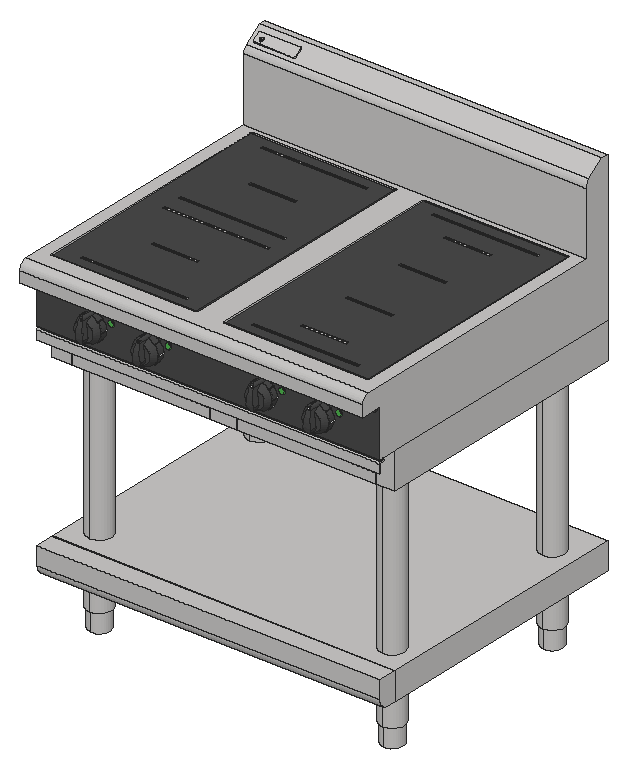
Revit family "QF_Moffat_INB8400R5F-LS_Induction_Cooktop_cat", category Specialty Equipment, Revit 2019
Family settings
  Round Connector Dimension = Use Diameter
  Part Type = Normal
  Work Plane-Based = No
  Always vertical = Yes
  Cut with Voids When Loaded = No
  Shared = No
  Room Calculation Point = No
Parameters (values of type "INB8400R5F-LS_415/60/3")
  Weight in Kilograms = 105
  Watts = 20000 W
  Volts = 415 V
  URL Cutsheet = ""
  Specification by User = ""
  Specification by Manufacturer = ""
  Show Logo [instance] = yes
  Serial Number = ""
  Seismic Rating = ""
  SMACNA No = ""
  Revision Code = ""
  Phase = 3
  Number of Poles = 1
  NAFEM Spec ID Number = ""
  Model = "INB8400R5F-LS"
  Min Ckt Ampacity = 0 A
  Max Overcurrent Protection = 0 A
  Masterspec = ""
  Manufacturer = "Moffat"
  Length = 900 mm
  Item Number = ""
  Installed By = ""
  Identify Quantity as Lot = yes
  Height = 1130 mm
  HP = ""
  Furnished By = ""
  Foodservice Equipment Identifier = yes
  FL Amps = 28 A
  Electrical Remarks = ""
  Electric Connection Type = ""
  Elec Conn RI Height = 0 mm
  Elec Conn Connection Height = 0 mm
  Description = "Induction Cooktop"
  Depth = 805 mm
  Cycle = 60 Hz
  Conn Plug = ""
  Conn Conduit = yes
  CSI MasterFormat = ""
  Apparent Power = if(Phase = 3, Volts * FL Amps * 1.73, Volts * FL Amps)  # 20102.6 VA
Reference planes
  plane 1 "BACK": y = 0
  plane 2: z = 0
  plane 3 "LEFT": x = 0
  plane 4 "RIGHT": x = 900
  plane 5 "FRONT": y = -805
  plane 6 "TOP": z = 1130
  plane 7 "Center Y": x = 450
  plane 8 "Center X": y = -402.5
  plane 9: x = 65.5
  plane 10: x = 834.5
  plane 11: y = -30
  plane 12: z = 150
  plane 13: y = -100
  plane 14: y = -625
  plane 15: y = -70
  plane 16: z = 915
  plane 17: x = 770
Forms (mm)
  Extrusion 1, solid, material "QF_Metal_Stainless_Polished"
    sketch origin (0, 0, 560) x (0, 1, 0) y (0, 0, 1)
      loop
        line (0, 180) -> (0, 570) -> (-18.182, 570) -> (-60.863, 538.99)
        arc (-60.863, 538.99) -> (-67.584, 531.121) -> (-70, 521.058) r 22.165
        line (-70, 521.058) -> (-70, 355) -> (-784.417, 355)
        arc (-784.417, 355) -> (-798.971, 348.971) -> (-805, 334.417) r 20.583
        line (-805, 334.417) -> (-805, 305) -> (-749, 305) -> (-749, 180) -> (0, 180)
    from 0 to 900
  Extrusion 2, void
    sketch origin (0, -784.171, 915) x (0, 1, 0) y (-1, 0, 0)
      loop
        arc (699.341, -37.323) -> (697.584, -33.08) -> (693.341, -31.323) r 6
        line (693.341, -31.323) -> (45.245, -31.323)
        arc (45.245, -31.323) -> (41.002, -33.08) -> (39.245, -37.323) r 6
        line (39.245, -37.323) -> (39.245, -410.105)
        arc (39.245, -410.105) -> (41.002, -414.347) -> (45.245, -416.105) r 6
        line (45.245, -416.105) -> (693.341, -416.105)
        arc (693.341, -416.105) -> (697.584, -414.347) -> (699.341, -410.105) r 6
        line (699.341, -410.105) -> (699.341, -37.323)
      loop
        line (699.341, -862.677) -> (699.341, -489.895)
        arc (699.341, -489.895) -> (697.584, -485.653) -> (693.341, -483.895) r 6
        line (693.341, -483.895) -> (45.245, -483.895)
        arc (45.245, -483.895) -> (41.002, -485.653) -> (39.245, -489.895) r 6
        line (39.245, -489.895) -> (39.245, -862.677)
        arc (39.245, -862.677) -> (41.002, -866.92) -> (45.245, -868.677) r 6
        line (45.245, -868.677) -> (693.341, -868.677)
        arc (693.341, -868.677) -> (697.584, -866.92) -> (699.341, -862.677) r 6
    from 0 to -9.5
  Extrusion 3, solid, material "QF_Plastic_Black_Smooth"
    sketch origin (0, -784.171, 915) x (0, 1, 0) y (-1, 0, 0)
      loop
        line (695.341, -410.105) -> (695.341, -37.323)
        arc (695.341, -37.323) -> (694.755, -35.908) -> (693.341, -35.323) r 2
        line (693.341, -35.323) -> (45.245, -35.323)
        arc (45.245, -35.323) -> (43.831, -35.908) -> (43.245, -37.323) r 2
        line (43.245, -37.323) -> (43.245, -410.105)
        arc (43.245, -410.105) -> (43.831, -411.519) -> (45.245, -412.105) r 2
        line (45.245, -412.105) -> (693.341, -412.105)
        arc (693.341, -412.105) -> (694.755, -411.519) -> (695.341, -410.105) r 2
      loop
        line (667.194, -86.598) -> (661.194, -86.598) -> (661.194, -363.75) -> (667.194, -363.75) -> (667.194, -86.598)
      loop
        line (526.611, -163.924) -> (526.611, -283.924) -> (532.611, -283.924) -> (532.611, -163.924) -> (526.611, -163.924)
      loop
        line (398.444, -86.598) -> (392.444, -86.598) -> (392.444, -363.75) -> (398.444, -363.75) -> (398.444, -86.598)
      loop
        line (345.944, -86.598) -> (339.944, -86.598) -> (339.944, -363.75) -> (345.944, -363.75) -> (345.944, -86.598)
      loop
        line (206.611, -163.924) -> (206.611, -283.924) -> (212.611, -283.924) -> (212.611, -163.924) -> (206.611, -163.924)
      loop
        line (77.194, -86.598) -> (71.194, -86.598) -> (71.194, -363.75) -> (77.194, -363.75) -> (77.194, -86.598)
      loop
        arc (695.341, -489.895) -> (694.755, -488.481) -> (693.341, -487.895) r 2
        line (693.341, -487.895) -> (45.245, -487.895)
        arc (45.245, -487.895) -> (43.831, -488.481) -> (43.245, -489.895) r 2
        line (43.245, -489.895) -> (43.245, -862.677)
        arc (43.245, -862.677) -> (43.831, -864.092) -> (45.245, -864.677) r 2
        line (45.245, -864.677) -> (693.341, -864.677)
        arc (693.341, -864.677) -> (694.755, -864.092) -> (695.341, -862.677) r 2
        line (695.341, -862.677) -> (695.341, -489.895)
      loop
        line (667.194, -813.402) -> (667.194, -536.25) -> (661.194, -536.25) -> (661.194, -813.402) -> (667.194, -813.402)
      loop
        line (601.611, -736.076) -> (607.611, -736.076) -> (607.611, -616.076) -> (601.611, -616.076) -> (601.611, -736.076)
      loop
        line (279.111, -736.076) -> (285.111, -736.076) -> (285.111, -616.076) -> (279.111, -616.076) -> (279.111, -736.076)
      loop
        line (77.194, -813.402) -> (77.194, -536.25) -> (71.194, -536.25) -> (71.194, -813.402) -> (77.194, -813.402)
      loop
        line (454.501, -736.076) -> (460.501, -736.076) -> (460.501, -616.076) -> (454.501, -616.076) -> (454.501, -736.076)
      loop
        line (131.211, -736.076) -> (137.211, -736.076) -> (137.211, -616.076) -> (131.211, -616.076) -> (131.211, -736.076)
    from 0 to -9.5
  Extrusion 4, solid, material "QF_Metal_Stainless_Polished"
    sketch origin (0, 0, 600) x (0, 1, 0) y (0, 0, 1)
      loop
        line (-739.467, 140) -> (-738.192, 134.838)
        arc (-738.192, 134.838) -> (-738.307, 134.302) -> (-738.799, 134.063) r 0.625
        line (-738.799, 134.063) -> (-746.111, 134.063)
        arc (-746.111, 134.063) -> (-748.011, 133.276) -> (-748.797, 131.377) r 2.686
        line (-748.797, 131.377) -> (-748.797, 107.627) -> (-747.197, 107.627) -> (-747.197, 131.242)
        arc (-747.197, 131.242) -> (-746.84, 132.105) -> (-745.976, 132.463) r 1.221
        line (-745.976, 132.463) -> (-738.755, 132.463)
        arc (-738.755, 132.463) -> (-737.028, 133.304) -> (-736.625, 135.182) r 2.194
        line (-736.625, 135.182) -> (-737.815, 140) -> (-739.467, 140)
    from 0 to 900
  Extrusion 5, solid, material "QF_Plastic_Black_Smooth"
    sketch origin (0, -749, 741.875) x (0, 0, 1) y (-1, 0, 0)
      loop
        circle (112.843, -13.157) r 5
      loop
        circle (112.843, -886.843) r 5
    from 0 to 1.6
  Extrusion 6, solid, material "QF_Metal_Stainless_Polished"
    sketch origin (450, -699, 645) x (0, 1, 0) y (1, 0, 0)
      loop
        circle (669, 320) r 6.35
    from 0 to 10
  Extrusion 7, solid, material "QF_Metal_Stainless_Polished"
    sketch origin (0, -699, 645) x (1, 0, 0) y (0, -1, 0)
      loop
        line (0, -699) -> (900, -699) -> (900, 0) -> (849.2, 0) -> (849.2, -25.4) -> (485.8, -25.4) -> (485.8, 0) -> (414.2, 0) -> (414.2, -25.4) -> (50.8, -25.4) -> (50.8, 0) -> (0, 0) -> (0, -699)
    from 0 to -95
  Extrusion 8, solid, material "QF_Metal_Stainless_Polished"
    sketch origin (50.8, -30, 645) x (0, 1, 0) y (0, 0, 1)
      loop
        line (-669, 0) -> (-643.6, 0) -> (-643.6, 26.45) -> (-669, 26.45) -> (-669, 0)
      loop
        line (-669, 32.45) -> (-643.6, 32.45) -> (-643.6, 66.4) -> (-669, 66.4) -> (-669, 32.45)
      loop
        line (-669, 67.4) -> (-643.6, 67.4) -> (-643.6, 95) -> (-669, 95) -> (-669, 67.4)
    from 0 to 363.4
  Extrusion 9, solid, material "QF_Metal_Stainless_Polished"
    sketch origin (900, 0, 560) x (-1, 0, 0) y (0, -1, 0)
      loop
        line (536.25, 122.976) -> (536.25, 116.976) -> (813.402, 116.976) -> (813.402, 122.976) -> (536.25, 122.976)
      loop
        line (736.076, 251.56) -> (736.076, 257.56) -> (616.076, 257.56) -> (616.076, 251.56) -> (736.076, 251.56)
      loop
        line (813.402, 385.726) -> (813.402, 391.726) -> (536.25, 391.726) -> (536.25, 385.726) -> (813.402, 385.726)
      loop
        line (813.402, 438.226) -> (813.402, 444.226) -> (536.25, 444.226) -> (536.25, 438.226) -> (813.402, 438.226)
      loop
        line (736.076, 571.56) -> (736.076, 577.56) -> (616.076, 577.56) -> (616.076, 571.56) -> (736.076, 571.56)
      loop
        line (536.25, 712.976) -> (536.25, 706.976) -> (813.402, 706.976) -> (813.402, 712.976) -> (536.25, 712.976)
      loop
        line (86.598, 712.976) -> (86.598, 706.976) -> (363.75, 706.976) -> (363.75, 712.976) -> (86.598, 712.976)
      loop
        line (163.924, 652.959) -> (163.924, 646.959) -> (283.924, 646.959) -> (283.924, 652.959) -> (163.924, 652.959)
      loop
        line (163.924, 505.06) -> (163.924, 499.06) -> (283.924, 499.06) -> (283.924, 505.06) -> (163.924, 505.06)
      loop
        line (163.924, 329.669) -> (163.924, 323.669) -> (283.924, 323.669) -> (283.924, 329.669) -> (163.924, 329.669)
      loop
        line (163.924, 182.56) -> (163.924, 176.56) -> (283.924, 176.56) -> (283.924, 182.56) -> (163.924, 182.56)
      loop
        line (86.598, 122.976) -> (86.598, 116.976) -> (363.75, 116.976) -> (363.75, 122.976) -> (86.598, 122.976)
    from 355 to 345.5
  Extrusion 10, solid, material "QF_Paint_Green"
    sketch origin (63.231, -748.999, 713.75) x (0, 0, 1) y (-1, 0, 0)
      loop
        circle (100.3, -282.5) r 7.15
    from 0 to 1.6
  Extrusion 11, solid, material "QF_Plastic_Black_Smooth"
    sketch origin (75, -748.999, 725.625) x (0, 0, 1) y (-1, 0, 0)
      loop
        circle (112.843, -225) r 5
    from 0 to 1.6
  Extrusion 12, solid, material "QF_Paint_Green"
    sketch origin (-86.769, -748.999, 713.75) x (0, 0, 1) y (-1, 0, 0)
      loop
        circle (100.3, -282.5) r 7.15
    from 0 to 1.6
  Extrusion 13, solid, material "QF_Plastic_Black_Smooth"
    sketch origin (-75, -748.999, 725.625) x (0, 0, 1) y (-1, 0, 0)
      loop
        circle (112.843, -225) r 5
    from 0 to 1.6
  Extrusion 14, solid, material "QF_Paint_Green"
    sketch origin (511.981, -748.999, 713.75) x (0, 0, 1) y (-1, 0, 0)
      loop
        circle (100.3, -282.5) r 7.15
    from 0 to 1.6
  Extrusion 15, solid, material "QF_Plastic_Black_Smooth"
    sketch origin (523.75, -748.999, 725.625) x (0, 0, 1) y (-1, 0, 0)
      loop
        circle (112.843, -225) r 5
    from 0 to 1.6
  Extrusion 16, solid, material "QF_Paint_Green"
    sketch origin (361.981, -748.999, 713.75) x (0, 0, 1) y (-1, 0, 0)
      loop
        circle (100.3, -282.5) r 7.15
    from 0 to 1.6
  Extrusion 17, solid, material "QF_Plastic_Black_Smooth"
    sketch origin (373.75, -748.999, 725.625) x (0, 0, 1) y (-1, 0, 0)
      loop
        circle (112.843, -225) r 5
    from 0 to 1.6
  Extrusion 18, solid, material "QF_Metal_Stainless_Polished"
    sketch origin (849.2, -30, 645) x (0, 1, 0) y (0, 0, -1)
      loop
        line (-669, 0) -> (-669, -26.45) -> (-643.6, -26.45) -> (-643.6, 0) -> (-669, 0)
      loop
        line (-669, -32.45) -> (-669, -66.4) -> (-643.6, -66.4) -> (-643.6, -32.45) -> (-669, -32.45)
      loop
        line (-669, -67.4) -> (-669, -95) -> (-643.6, -95) -> (-643.6, -67.4) -> (-669, -67.4)
    from 0 to 363.4
Cuts and joins
  Extrusion 2 cuts Extrusion 1
Lines and regions (mm)
  symbolic lines
    curve 1: line (0, 0, 0) -> (900, 0, 0)
    curve 2: line (0, -805, 0) -> (0, 0, 0)
    curve 3: line (900, -805, 0) -> (0, -805, 0)
    curve 4: line (900, 0, 0) -> (900, -805, 0)
    curve 5: line (0, -18.182, 0) -> (900, -18.182, 0)
    curve 6: line (0, -70, 0) -> (450, -70, 0)
    curve 7: line (37.323, -84.83, 0) -> (410.105, -84.83, 0)
    curve 8: arc (410.105, -84.83, 0) -> (414.347, -86.587, 0) -> (416.105, -90.83, 0) r 6
    curve 9: line (416.105, -90.83, 0) -> (416.105, -738.926, 0)
    curve 10: arc (416.105, -738.926, 0) -> (414.347, -743.168, 0) -> (410.105, -744.926, 0) r 6
    curve 11: line (410.105, -744.926, 0) -> (37.323, -744.926, 0)
    curve 12: arc (37.323, -744.926, 0) -> (33.08, -743.168, 0) -> (31.323, -738.926, 0) r 6
    curve 13: line (31.323, -738.926, 0) -> (31.323, -90.83, 0)
    curve 14: arc (31.323, -90.83, 0) -> (33.08, -86.587, 0) -> (37.323, -84.83, 0) r 6
    curve 15: line (410.105, -88.83, 0) -> (37.323, -88.83, 0)
    curve 16: arc (37.323, -88.83, 0) -> (35.908, -89.415, 0) -> (35.323, -90.83, 0) r 2
    curve 17: line (35.323, -90.83, 0) -> (35.323, -738.926, 0)
    curve 18: arc (35.323, -738.926, 0) -> (35.908, -740.34, 0) -> (37.323, -740.926, 0) r 2
    curve 19: line (37.323, -740.926, 0) -> (410.105, -740.926, 0)
    curve 20: arc (410.105, -740.926, 0) -> (411.519, -740.34, 0) -> (412.105, -738.926, 0) r 2
    curve 21: line (412.105, -738.926, 0) -> (412.105, -90.83, 0)
    curve 22: arc (412.105, -90.83, 0) -> (411.519, -89.415, 0) -> (410.105, -88.83, 0) r 2
    curve 23: line (416.105, -738.926, 0) -> (416.105, -90.83, 0)
    curve 24: line (412.105, -90.83, 0) -> (412.105, -738.926, 0)
    curve 25: line (862.677, -84.83, 0) -> (489.895, -84.83, 0)
    curve 26: arc (489.895, -84.83, 0) -> (485.653, -86.587, 0) -> (483.895, -90.83, 0) r 6
    curve 27: arc (483.895, -738.926, 0) -> (485.653, -743.168, 0) -> (489.895, -744.926, 0) r 6
    curve 28: line (489.895, -744.926, 0) -> (862.677, -744.926, 0)
    curve 29: arc (862.677, -744.926, 0) -> (866.92, -743.168, 0) -> (868.677, -738.926, 0) r 6
    curve 30: line (868.677, -738.926, 0) -> (868.677, -90.83, 0)
    curve 31: arc (868.677, -90.83, 0) -> (866.92, -86.587, 0) -> (862.677, -84.83, 0) r 6
    curve 32: line (489.895, -88.83, 0) -> (862.677, -88.83, 0)
    curve 33: arc (862.677, -88.83, 0) -> (864.092, -89.415, 0) -> (864.677, -90.83, 0) r 2
    curve 34: line (864.677, -90.83, 0) -> (864.677, -738.926, 0)
    curve 35: arc (864.677, -738.926, 0) -> (864.092, -740.34, 0) -> (862.677, -740.926, 0) r 2
    curve 36: line (862.677, -740.926, 0) -> (489.895, -740.926, 0)
    curve 37: arc (489.895, -740.926, 0) -> (488.481, -740.34, 0) -> (487.895, -738.926, 0) r 2
    curve 38: arc (487.895, -90.83, 0) -> (488.481, -89.415, 0) -> (489.895, -88.83, 0) r 2
    curve 39: line (487.895, -90.83, 0) -> (487.895, -738.926, 0)
    curve 40: arc (487.895, -738.926, 0) -> (488.481, -740.34, 0) -> (489.895, -740.926, 0) r 2
    curve 41: line (489.895, -740.926, 0) -> (862.677, -740.926, 0)
    curve 42: arc (862.677, -740.926, 0) -> (864.092, -740.34, 0) -> (864.677, -738.926, 0) r 2
    curve 43: line (864.677, -738.926, 0) -> (864.677, -90.83, 0)
    curve 44: arc (864.677, -90.83, 0) -> (864.092, -89.415, 0) -> (862.677, -88.83, 0) r 2
    curve 45: line (862.677, -88.83, 0) -> (489.895, -88.83, 0)
    curve 46: arc (489.895, -88.83, 0) -> (488.481, -89.415, 0) -> (487.895, -90.83, 0) r 2
    curve 47: line (483.895, -90.83, 0) -> (483.895, -738.926, 0)
    curve 48: arc (483.895, -738.926, 0) -> (485.653, -743.168, 0) -> (489.895, -744.926, 0) r 6
    curve 49: line (489.895, -744.926, 0) -> (862.677, -744.926, 0)
    curve 50: arc (862.677, -744.926, 0) -> (866.92, -743.168, 0) -> (868.677, -738.926, 0) r 6
    curve 51: line (868.677, -738.926, 0) -> (868.677, -90.83, 0)
    curve 52: arc (868.677, -90.83, 0) -> (866.92, -86.587, 0) -> (862.677, -84.83, 0) r 6
    curve 53: line (862.677, -84.83, 0) -> (489.895, -84.83, 0)
    curve 54: arc (489.895, -84.83, 0) -> (485.653, -86.587, 0) -> (483.895, -90.83, 0) r 6
    curve 55: line (86.598, -122.976, 0) -> (363.75, -122.976, 0)
    curve 56: line (363.75, -122.976, 0) -> (363.75, -116.976, 0)
    curve 57: line (363.75, -116.976, 0) -> (86.598, -116.976, 0)
    curve 58: line (86.598, -116.976, 0) -> (86.598, -122.976, 0)
    curve 59: line (283.924, -251.56, 0) -> (163.924, -251.56, 0)
    curve 60: line (163.924, -251.56, 0) -> (163.924, -257.56, 0)
    curve 61: line (163.924, -257.56, 0) -> (283.924, -257.56, 0)
    curve 62: line (283.924, -257.56, 0) -> (283.924, -251.56, 0)
    curve 63: line (536.25, -122.976, 0) -> (813.402, -122.976, 0)
    curve 64: line (813.402, -122.976, 0) -> (813.402, -116.976, 0)
    curve 65: line (813.402, -116.976, 0) -> (536.25, -116.976, 0)
    curve 66: line (536.25, -116.976, 0) -> (536.25, -122.976, 0)
    curve 67: line (736.076, -176.56, 0) -> (616.076, -176.56, 0)
    curve 68: line (616.076, -176.56, 0) -> (616.076, -182.56, 0)
    curve 69: line (616.076, -182.56, 0) -> (736.076, -182.56, 0)
    curve 70: line (736.076, -182.56, 0) -> (736.076, -176.56, 0)
    curve 71: line (736.076, -323.669, 0) -> (616.076, -323.669, 0)
    curve 72: line (616.076, -323.669, 0) -> (616.076, -329.669, 0)
    curve 73: line (616.076, -329.669, 0) -> (736.076, -329.669, 0)
    curve 74: line (736.076, -329.669, 0) -> (736.076, -323.669, 0)
    curve 75: line (736.076, -499.06, 0) -> (616.076, -499.06, 0)
    curve 76: line (616.076, -499.06, 0) -> (616.076, -505.06, 0)
    curve 77: line (616.076, -505.06, 0) -> (736.076, -505.06, 0)
    curve 78: line (736.076, -505.06, 0) -> (736.076, -499.06, 0)
    curve 79: line (736.076, -646.959, 0) -> (616.076, -646.959, 0)
    curve 80: line (616.076, -646.959, 0) -> (616.076, -652.959, 0)
    curve 81: line (616.076, -652.959, 0) -> (736.076, -652.959, 0)
    curve 82: line (736.076, -652.959, 0) -> (736.076, -646.959, 0)
    curve 83: line (813.402, -706.976, 0) -> (536.25, -706.976, 0)
    curve 84: line (536.25, -706.976, 0) -> (536.25, -712.976, 0)
    curve 85: line (536.25, -712.976, 0) -> (813.402, -712.976, 0)
    curve 86: line (813.402, -712.976, 0) -> (813.402, -706.976, 0)
    curve 87: line (86.598, -712.976, 0) -> (363.75, -712.976, 0)
    curve 88: line (363.75, -712.976, 0) -> (363.75, -706.976, 0)
    curve 89: line (363.75, -706.976, 0) -> (86.598, -706.976, 0)
    curve 90: line (86.598, -706.976, 0) -> (86.598, -712.976, 0)
    curve 91: line (283.924, -577.56, 0) -> (163.924, -577.56, 0)
    curve 92: line (163.924, -577.56, 0) -> (163.924, -571.56, 0)
    curve 93: line (163.924, -571.56, 0) -> (283.924, -571.56, 0)
    curve 94: line (283.924, -571.56, 0) -> (283.924, -577.56, 0)
    curve 95: line (86.598, -444.226, 0) -> (363.75, -444.226, 0)
    curve 96: line (363.75, -444.226, 0) -> (363.75, -438.226, 0)
    curve 97: line (363.75, -438.226, 0) -> (86.598, -438.226, 0)
    curve 98: line (86.598, -438.226, 0) -> (86.598, -444.226, 0)
    curve 99: line (86.598, -391.726, 0) -> (363.75, -391.726, 0)
    curve 100: line (363.75, -391.726, 0) -> (363.75, -385.726, 0)
    curve 101: line (363.75, -385.726, 0) -> (86.598, -385.726, 0)
    curve 102: line (86.598, -385.726, 0) -> (86.598, -391.726, 0)
    curve 103: line (0, 0, 560) -> (900, 0, 560)
    curve 104: line (0, -805, 560) -> (0, 0, 560)
    curve 105: line (900, -805, 560) -> (0, -805, 560)
    curve 106: line (900, 0, 560) -> (900, -805, 560)
    curve 107: line (0, -18.182, 560) -> (900, -18.182, 560)
    curve 108: line (0, -70, 560) -> (900, -70, 560)
    curve 109: line (416.105, -90.83, 560) -> (416.105, -738.926, 560)
    curve 110: line (412.105, -738.926, 560) -> (412.105, -90.83, 560)
    curve 111: line (416.105, -738.926, 560) -> (416.105, -90.83, 560)
    curve 112: line (412.105, -90.83, 560) -> (412.105, -738.926, 560)
    curve 113: line (862.677, -84.83, 560) -> (489.895, -84.83, 560)
    curve 114: arc (483.895, -738.926, 560) -> (485.653, -743.168, 560) -> (489.895, -744.926, 560) r 6
    curve 115: line (489.895, -744.926, 560) -> (862.677, -744.926, 560)
    curve 116: arc (862.677, -744.926, 560) -> (866.92, -743.168, 560) -> (868.677, -738.926, 560) r 6
    curve 117: arc (864.677, -738.926, 560) -> (864.092, -740.34, 560) -> (862.677, -740.926, 560) r 2
    curve 118: line (862.677, -740.926, 560) -> (489.895, -740.926, 560)
    curve 119: arc (489.895, -740.926, 560) -> (488.481, -740.34, 560) -> (487.895, -738.926, 560) r 2
    curve 120: arc (487.895, -738.926, 560) -> (488.481, -740.34, 560) -> (489.895, -740.926, 560) r 2
    curve 121: line (489.895, -740.926, 560) -> (862.677, -740.926, 560)
    curve 122: arc (862.677, -740.926, 560) -> (864.092, -740.34, 560) -> (864.677, -738.926, 560) r 2
    curve 123: arc (483.895, -738.926, 560) -> (485.653, -743.168, 560) -> (489.895, -744.926, 560) r 6
    curve 124: line (489.895, -744.926, 560) -> (862.677, -744.926, 560)
    curve 125: arc (862.677, -744.926, 560) -> (866.92, -743.168, 560) -> (868.677, -738.926, 560) r 6
    curve 126: line (86.598, -122.976, 560) -> (363.75, -122.976, 560)
    curve 127: line (363.75, -122.976, 560) -> (363.75, -116.976, 560)
    curve 128: line (363.75, -116.976, 560) -> (86.598, -116.976, 560)
    curve 129: line (86.598, -116.976, 560) -> (86.598, -122.976, 560)
    curve 130: line (283.924, -251.56, 560) -> (163.924, -251.56, 560)
    curve 131: line (163.924, -251.56, 560) -> (163.924, -257.56, 560)
    curve 132: line (163.924, -257.56, 560) -> (283.924, -257.56, 560)
    curve 133: line (283.924, -257.56, 560) -> (283.924, -251.56, 560)
    curve 134: line (536.25, -122.976, 560) -> (813.402, -122.976, 560)
    curve 135: line (813.402, -122.976, 560) -> (813.402, -116.976, 560)
    curve 136: line (813.402, -116.976, 560) -> (536.25, -116.976, 560)
    curve 137: line (536.25, -116.976, 560) -> (536.25, -122.976, 560)
    curve 138: line (736.076, -176.56, 560) -> (616.076, -176.56, 560)
    curve 139: line (616.076, -176.56, 560) -> (616.076, -182.56, 560)
    curve 140: line (616.076, -182.56, 560) -> (736.076, -182.56, 560)
    curve 141: line (736.076, -182.56, 560) -> (736.076, -176.56, 560)
    curve 142: line (736.076, -323.669, 560) -> (616.076, -323.669, 560)
    curve 143: line (616.076, -323.669, 560) -> (616.076, -329.669, 560)
    curve 144: line (616.076, -329.669, 560) -> (736.076, -329.669, 560)
    curve 145: line (736.076, -329.669, 560) -> (736.076, -323.669, 560)
    curve 146: line (736.076, -499.06, 560) -> (616.076, -499.06, 560)
    curve 147: line (616.076, -499.06, 560) -> (616.076, -505.06, 560)
    curve 148: line (616.076, -505.06, 560) -> (736.076, -505.06, 560)
    curve 149: line (736.076, -505.06, 560) -> (736.076, -499.06, 560)
    curve 150: line (736.076, -646.959, 560) -> (616.076, -646.959, 560)
    curve 151: line (616.076, -646.959, 560) -> (616.076, -652.959, 560)
    curve 152: line (616.076, -652.959, 560) -> (736.076, -652.959, 560)
    curve 153: line (736.076, -652.959, 560) -> (736.076, -646.959, 560)
    curve 154: line (813.402, -706.976, 560) -> (536.25, -706.976, 560)
    curve 155: line (536.25, -706.976, 560) -> (536.25, -712.976, 560)
    curve 156: line (536.25, -712.976, 560) -> (813.402, -712.976, 560)
    curve 157: line (813.402, -712.976, 560) -> (813.402, -706.976, 560)
    curve 158: line (86.598, -712.976, 560) -> (363.75, -712.976, 560)
    curve 159: line (363.75, -712.976, 560) -> (363.75, -706.976, 560)
    curve 160: line (363.75, -706.976, 560) -> (86.598, -706.976, 560)
    curve 161: line (86.598, -706.976, 560) -> (86.598, -712.976, 560)
    curve 162: line (283.924, -577.56, 560) -> (163.924, -577.56, 560)
    curve 163: line (163.924, -577.56, 560) -> (163.924, -571.56, 560)
    curve 164: line (163.924, -571.56, 560) -> (283.924, -571.56, 560)
    curve 165: line (283.924, -571.56, 560) -> (283.924, -577.56, 560)
    curve 166: line (86.598, -444.226, 560) -> (363.75, -444.226, 560)
    curve 167: line (363.75, -444.226, 560) -> (363.75, -438.226, 560)
    curve 168: line (363.75, -438.226, 560) -> (86.598, -438.226, 560)
    curve 169: line (86.598, -438.226, 560) -> (86.598, -444.226, 560)
    curve 170: line (86.598, -391.726, 560) -> (363.75, -391.726, 560)
    curve 171: line (363.75, -391.726, 560) -> (363.75, -385.726, 560)
    curve 172: line (363.75, -385.726, 560) -> (86.598, -385.726, 560)
    curve 173: line (86.598, -385.726, 560) -> (86.598, -391.726, 560)
Dimensions and locks
  equal spacing: plane 3 "LEFT", plane 7 "Center Y", plane 4 "RIGHT"
  "Length": plane 3 "LEFT" to plane 4 "RIGHT"
  equal spacing: plane 5 "FRONT", plane 8 "Center X", plane 1 "BACK"
  "Depth": plane 5 "FRONT" to plane 1 "BACK"
  "Height": plane 6 "TOP" to level
  plane 9 to plane 10 = 769 mm
  plane 4 "RIGHT" to plane 3 "LEFT" = 900 mm
  plane 6 "TOP" to plane 2 = 1130 mm
  plane 1 "BACK" to plane 11 = 30 mm
  plane 1 "BACK" to plane 13 to plane 14 = 100 mm, 525 mm
  plane 1 "BACK" to plane 15 = 70 mm
  plane 16 to level = 915 mm  (x2)
  level to plane 12 = 150 mm
  plane 12 to level = 150 mm
  plane 4 "RIGHT" to plane 17 = 130 mm
  plane 1 "BACK" to plane 5 "FRONT" = 805 mm
  locked: plane 10 to plane 4 "RIGHT" at 65.5
  aligned and locked: level to plane 2
  aligned and locked: plane 7 "Center Y" to nested 1
  aligned and locked: plane 8 "Center X" to nested 1
  aligned and locked: Extrusion 18 to Extrusion 7  (x2)
Automatic sketch dimensions
  curve 8 to curve 22 = 0 mm  (x2)
  curve 10 to curve 20 = 0 mm  (x2)
  curve 12 to curve 18 = 0 mm  (x2)
  curve 14 to curve 16 = 0 mm  (x2)
  curve 26 to curve 38 = 0 mm  (x2)
  curve 26 to curve 46 = 0 mm  (x2)
  curve 26 to curve 54 = 0 mm  (x2)
  curve 27 to curve 37 = 0 mm  (x2)
  curve 27 to curve 40 = 0 mm  (x2)
  curve 27 to curve 48 = 0 mm  (x2)
  curve 29 to curve 35 = 0 mm  (x2)
  curve 29 to curve 42 = 0 mm  (x2)
  curve 29 to curve 50 = 0 mm  (x2)
  curve 31 to curve 33 = 0 mm  (x2)
  curve 31 to curve 44 = 0 mm  (x2)
  curve 31 to curve 52 = 0 mm  (x2)
  curve 33 to curve 44 = 0 mm  (x2)
  curve 33 to curve 52 = 0 mm  (x2)
  curve 35 to curve 42 = 0 mm  (x2)
  curve 35 to curve 50 = 0 mm  (x2)
  curve 37 to curve 40 = 0 mm  (x2)
  curve 37 to curve 48 = 0 mm  (x2)
  curve 38 to curve 46 = 0 mm  (x2)
  curve 38 to curve 54 = 0 mm  (x2)
  curve 40 to curve 48 = 0 mm  (x2)
  curve 42 to curve 50 = 0 mm  (x2)
  curve 44 to curve 52 = 0 mm  (x2)
  curve 46 to curve 54 = 0 mm  (x2)
  plane 1 "BACK" to curve 1 = 0 mm
  curve 1 to plane 3 "LEFT" = 0 mm
  curve 6 to plane 7 "Center Y" = 0 mm
  curve 5 to plane 4 "RIGHT" = 0 mm
  plane 5 "FRONT" to curve 3 = 0 mm
  plane 15 to curve 6 = 0 mm
  plane 3 "LEFT" to curve 13 = 31.323 mm
  curve 13 to curve 17 = 4 mm
  curve 17 to curve 16 = 2 mm
  curve 17 to curve 18 = 2 mm
  curve 102 to plane 9 = 21.098 mm
  curve 57 to plane 9 = 21.098 mm
  curve 87 to plane 9 = 21.098 mm
  curve 95 to plane 9 = 21.098 mm
  curve 91 to plane 14 = 47.44 mm
  curve 91 to plane 9 = 98.424 mm
  curve 60 to plane 9 = 98.424 mm
  curve 60 to curve 61 = 120 mm
  curve 93 to plane 14 = 53.44 mm
  curve 92 to curve 93 = 120 mm
  curve 96 to plane 8 "Center X" = 41.726 mm
  curve 96 to plane 7 "Center Y" = 86.25 mm
  plane 8 "Center X" to curve 99 = 10.774 mm
  curve 99 to curve 96 = 0 mm
  plane 13 to curve 56 = 16.976 mm
  curve 56 to plane 7 "Center Y" = 86.25 mm
  curve 89 to plane 7 "Center Y" = 86.25 mm
  curve 8 to plane 13 = 9.17 mm
  curve 8 to plane 7 "Center Y" = 39.895 mm
  curve 10 to plane 7 "Center Y" = 39.895 mm
  curve 8 to curve 21 = 2 mm
  plane 7 "Center Y" to curve 47 = 33.895 mm
  curve 27 to curve 39 = 4 mm
  curve 38 to curve 46 = 2 mm
  curve 37 to curve 36 = 2 mm
  plane 13 to curve 66 = 22.976 mm
  curve 26 to curve 66 = 46.355 mm
  curve 27 to curve 85 = 46.355 mm
  curve 63 to curve 67 = 79.826 mm
  curve 77 to plane 17 = 153.924 mm
  plane 14 to curve 80 = 21.959 mm
  curve 83 to curve 80 = 79.826 mm
  plane 8 "Center X" to curve 73 = 72.831 mm
  curve 73 to curve 68 = 0 mm
  curve 77 to plane 17 = 33.924 mm
  curve 67 to plane 17 = 33.924 mm
  curve 71 to plane 17 = 33.924 mm
  curve 79 to plane 17 = 33.924 mm
  plane 10 to curve 63 = 21.098 mm
  plane 10 to curve 85 = 21.098 mm
  curve 42 to plane 10 = 28.177 mm
  curve 32 to plane 13 = 11.17 mm
  curve 32 to plane 10 = 28.177 mm
  curve 31 to curve 34 = 2 mm
  curve 49 to plane 5 "FRONT" = 60.074 mm
  curve 11 to plane 5 "FRONT" = 60.074 mm
  curve 27 to curve 84 = 25.949 mm
  curve 10 to curve 87 = 25.949 mm
  curve 85 to curve 83 = 6 mm
  curve 87 to curve 90 = 6 mm
  curve 81 to curve 79 = 6 mm
  curve 78 to plane 8 "Center X" = 102.56 mm
  curve 77 to curve 75 = 6 mm
  curve 95 to curve 98 = 6 mm
  curve 99 to curve 100 = 6 mm
  curve 73 to curve 74 = 6 mm
  plane 8 "Center X" to curve 62 = 144.94 mm
  curve 61 to curve 62 = 6 mm
  plane 13 to curve 70 = 82.56 mm
  curve 68 to curve 68 = 6 mm
  curve 58 to curve 57 = 6 mm
  curve 63 to curve 65 = 6 mm
  curve 5 to plane 11 = 11.818 mm
  Extrusion 1 sketch curve to plane 5 "FRONT" = 0 mm
  Extrusion 1 sketch curve to plane 16 = 0 mm
  Extrusion 1 sketch curve to plane 15 = 0 mm
  Extrusion 1 sketch curve to plane 6 "TOP" = 0 mm
  Extrusion 1 sketch curve to plane 1 "BACK" = 0 mm
  Extrusion 1 sketch curve to plane 5 "FRONT" = 20.583 mm
  Extrusion 1 sketch curve to plane 5 "FRONT" = 56 mm
  Extrusion 1 sketch curve to plane 15 = 9.137 mm
  plane 11 to Extrusion 1 sketch curve = 17.835 mm
  Extrusion 1 sketch curve to plane 11 = 11.818 mm
  Extrusion 1 sketch curve to Extrusion 1 sketch curve = 29.417 mm
  Extrusion 1 sketch curve to plane 16 = 175 mm
  Extrusion 1 sketch curve to plane 6 "TOP" = 48.942 mm
  Extrusion 2 sketch curve to Extrusion 1 = 39.492 mm  (x2)
  Extrusion 2 sketch curve to Extrusion 2 sketch curve = 6 mm  (x6)
  Extrusion 1 to Extrusion 2 sketch curve = 20.83 mm  (x4)
  Extrusion 1 to Extrusion 2 sketch curve = 31.323 mm
  Extrusion 2 sketch curve to Extrusion 2 sketch curve = 372.782 mm
  Extrusion 2 sketch curve to Extrusion 2 sketch curve = 67.791 mm
  Extrusion 1 to Extrusion 2 sketch curve = 37.323 mm
  Extrusion 3 sketch curve to Extrusion 1 = 43.492 mm  (x2)
  Extrusion 3 sketch curve to Extrusion 3 sketch curve = 2 mm  (x6)
  Extrusion 3 sketch curve to Extrusion 3 sketch curve = 25.949 mm  (x2)
  Extrusion 3 sketch curve to Extrusion 3 sketch curve = 6 mm  (x12)
  Extrusion 3 sketch curve to Extrusion 3 sketch curve = 54.017 mm
  Extrusion 3 sketch curve to Extrusion 3 sketch curve = 129.416 mm
  Extrusion 3 sketch curve to Extrusion 3 sketch curve = 141.899 mm
  Extrusion 3 sketch curve to Extrusion 3 sketch curve = 127.334 mm
  Extrusion 3 sketch curve to Extrusion 3 sketch curve = 46.5 mm
  Extrusion 3 sketch curve to Extrusion 3 sketch curve = 169.391 mm
  Extrusion 3 sketch curve to Extrusion 3 sketch curve = 128.166 mm
  Extrusion 1 to Extrusion 3 sketch curve = 112.56 mm
  Extrusion 1 to Extrusion 3 sketch curve = 52.976 mm  (x2)
  Extrusion 1 to Extrusion 3 sketch curve = 20.83 mm  (x4)
  Extrusion 1 to Extrusion 3 sketch curve = 35.323 mm
  Extrusion 3 sketch curve to Extrusion 3 sketch curve = 49.275 mm  (x2)
  Extrusion 3 sketch curve to Extrusion 3 sketch curve = 77.326 mm  (x2)
  Extrusion 1 to Extrusion 3 sketch curve = 163.924 mm
  Extrusion 3 sketch curve to Extrusion 3 sketch curve = 0 mm  (x3)
  Extrusion 3 sketch curve to Extrusion 3 sketch curve = 120 mm  (x6)
  Extrusion 3 sketch curve to Extrusion 3 sketch curve = 79.826 mm  (x4)
  Extrusion 3 sketch curve to Extrusion 3 sketch curve = 46.355 mm  (x3)
  Extrusion 3 sketch curve to Extrusion 3 sketch curve = 75.791 mm
  Extrusion 3 sketch curve to Extrusion 3 sketch curve = 252.326 mm
  Extrusion 1 to Extrusion 3 sketch curve = 86.598 mm  (x3)
  Extrusion 1 to Extrusion 3 sketch curve = 37.323 mm
  Extrusion 4 sketch curve to plane 5 "FRONT" = 56.203 mm
  Extrusion 4 sketch curve to Extrusion 4 sketch curve = 1.6 mm
  Extrusion 4 sketch curve to Extrusion 4 sketch curve = 1.086 mm
  Extrusion 4 sketch curve to Extrusion 4 sketch curve = 0.135 mm  (x2)
  Extrusion 4 sketch curve to Extrusion 4 sketch curve = 6.644 mm
  Extrusion 4 sketch curve to Extrusion 4 sketch curve = 0.668 mm
  Extrusion 4 sketch curve to Extrusion 4 sketch curve = 0.044 mm
  Extrusion 4 sketch curve to Extrusion 4 sketch curve = 0.563 mm
  Extrusion 4 sketch curve to Extrusion 4 sketch curve = 1.652 mm
  Extrusion 4 sketch curve to Extrusion 4 sketch curve = 1.567 mm
  Extrusion 4 sketch curve to plane 16 = 207.373 mm
  Extrusion 4 sketch curve to Extrusion 4 sketch curve = 23.614 mm
  Extrusion 4 sketch curve to Extrusion 4 sketch curve = 0.594 mm
  Extrusion 4 sketch curve to Extrusion 4 sketch curve = 0.032 mm
  Extrusion 4 sketch curve to Extrusion 4 sketch curve = 5.162 mm
  Extrusion 1 to Extrusion 5 sketch curve = 10.282 mm  (x2)
  Extrusion 1 to Extrusion 5 sketch curve = 13.157 mm  (x2)
  Extrusion 7 to Extrusion 6 sketch curve = 30 mm
  Extrusion 6 sketch curve to Extrusion 7 = 79.2 mm
  Extrusion 7 sketch curve to plane 3 "LEFT" = 0 mm
  Extrusion 7 sketch curve to plane 4 "RIGHT" = 0 mm
  plane 1 "BACK" to Extrusion 7 sketch curve = 0 mm
  plane 9 to Extrusion 7 sketch curve = 14.7 mm
  Extrusion 7 sketch curve to plane 7 "Center Y" = 35.8 mm
  plane 7 "Center Y" to Extrusion 7 sketch curve = 35.8 mm
  Extrusion 7 sketch curve to plane 10 = 14.7 mm
  plane 14 to Extrusion 7 sketch curve = 48.6 mm  (x2)
  Extrusion 7 sketch curve to Extrusion 7 sketch curve = 25.4 mm  (x3)
  Extrusion 8 sketch curve to Extrusion 7 = 0 mm  (x8)
  Extrusion 7 to Extrusion 8 sketch curve = 26.45 mm
  Extrusion 8 sketch curve to Extrusion 8 sketch curve = 6 mm
  Extrusion 7 to Extrusion 8 sketch curve = 28.6 mm
  Extrusion 8 sketch curve to Extrusion 8 sketch curve = 1 mm
  Extrusion 9 sketch curve to plane 10 = 21.098 mm  (x2)
  plane 17 to Extrusion 9 sketch curve = 33.924 mm  (x4)
  Extrusion 9 sketch curve to Extrusion 9 sketch curve = 120 mm  (x4)
  Extrusion 9 sketch curve to plane 14 = 21.959 mm
  Extrusion 9 sketch curve to plane 7 "Center Y" = 86.25 mm  (x2)
  Extrusion 9 sketch curve to plane 13 = 16.976 mm
  Extrusion 9 sketch curve to plane 13 = 22.976 mm
  plane 7 "Center Y" to Extrusion 9 sketch curve = 86.25 mm  (x3)
  Extrusion 9 sketch curve to plane 8 "Center X" = 10.774 mm
  Extrusion 9 sketch curve to Extrusion 9 sketch curve = 0 mm
  Extrusion 9 sketch curve to Extrusion 9 sketch curve = 79.826 mm  (x2)
  plane 14 to Extrusion 9 sketch curve = 53.44 mm
  plane 9 to Extrusion 9 sketch curve = 98.424 mm  (x2)
  plane 9 to Extrusion 9 sketch curve = 21.098 mm  (x4)
  Extrusion 9 sketch curve to Extrusion 9 sketch curve = 6 mm  (x12)
  Extrusion 9 sketch curve to plane 14 = 81.976 mm  (x2)
  plane 8 "Center X" to Extrusion 9 sketch curve = 102.56 mm
  plane 8 "Center X" to Extrusion 9 sketch curve = 41.726 mm
  Extrusion 9 sketch curve to plane 8 "Center X" = 72.831 mm
  Extrusion 9 sketch curve to plane 8 "Center X" = 144.94 mm
  Extrusion 9 sketch curve to plane 13 = 82.56 mm
  Extrusion 10 sketch curve to plane 16 = 100.95 mm
  Extrusion 10 sketch curve to plane 7 "Center Y" = 104.269 mm
  Extrusion 11 sketch curve to plane 16 = 76.532 mm
  Extrusion 11 sketch curve to plane 7 "Center Y" = 150 mm
  Extrusion 12 sketch curve to plane 16 = 100.95 mm
  Extrusion 12 sketch curve to plane 9 = 130.231 mm
  Extrusion 13 sketch curve to plane 16 = 76.532 mm
  Extrusion 13 sketch curve to plane 9 = 84.5 mm
  plane 17 to Extrusion 14 sketch curve = 24.481 mm
  Extrusion 14 sketch curve to plane 16 = 100.95 mm
  Extrusion 15 sketch curve to plane 17 = 21.25 mm
  Extrusion 15 sketch curve to plane 16 = 76.532 mm
  Extrusion 16 sketch curve to plane 16 = 100.95 mm
  Extrusion 16 sketch curve to plane 17 = 125.519 mm
  Extrusion 17 sketch curve to plane 16 = 76.532 mm
  plane 7 "Center Y" to Extrusion 17 sketch curve = 148.75 mm
  plane 14 to Extrusion 18 sketch curve = 74 mm
  Extrusion 18 sketch curve to Extrusion 18 sketch curve = 0 mm  (x4)
  Extrusion 18 sketch curve to Extrusion 18 sketch curve = 25.4 mm
  Extrusion 18 sketch curve to plane 16 = 175 mm
  Extrusion 18 sketch curve to Extrusion 18 sketch curve = 27.6 mm
  Extrusion 18 sketch curve to Extrusion 18 sketch curve = 1 mm
  Extrusion 18 sketch curve to Extrusion 18 sketch curve = 33.95 mm
  Extrusion 18 sketch curve to Extrusion 18 sketch curve = 6 mm
  Extrusion 18 sketch curve to Extrusion 18 sketch curve = 26.45 mm
  curve 114 to curve 119 = 0 mm
  curve 114 to curve 120 = 0 mm
  curve 116 to curve 117 = 0 mm  (x2)
  plane 1 "BACK" to curve 103 = 0 mm
  curve 103 to plane 3 "LEFT" = 0 mm
  curve 108 to plane 4 "RIGHT" = 0 mm
  plane 5 "FRONT" to curve 105 = 0 mm
  plane 15 to curve 108 = 0 mm
  curve 169 to plane 9 = 21.098 mm
  curve 173 to plane 9 = 21.098 mm
  curve 161 to plane 9 = 21.098 mm
  curve 129 to plane 9 = 21.098 mm
  curve 163 to plane 14 = 47.44 mm
  curve 163 to plane 9 = 98.424 mm
  curve 131 to plane 9 = 98.424 mm
  curve 130 to curve 130 = 120 mm
  curve 164 to plane 14 = 53.44 mm
  curve 163 to curve 164 = 120 mm
  plane 8 "Center X" to curve 171 = 10.774 mm
  curve 171 to plane 7 "Center Y" = 86.25 mm
  plane 13 to curve 127 = 22.976 mm
  curve 127 to plane 7 "Center Y" = 86.25 mm
  curve 160 to plane 7 "Center Y" = 86.25 mm
  curve 166 to curve 170 = 0 mm
  curve 112 to plane 7 "Center Y" = 37.895 mm
  curve 110 to curve 109 = 4 mm
  plane 7 "Center Y" to curve 121 = 39.895 mm
  plane 13 to curve 134 = 22.976 mm
  plane 7 "Center Y" to curve 134 = 86.25 mm
  curve 114 to curve 156 = 46.355 mm
  curve 142 to plane 17 = 153.924 mm
  curve 134 to curve 138 = 79.826 mm
  curve 146 to plane 17 = 153.924 mm
  plane 14 to curve 152 = 27.959 mm
  curve 154 to curve 152 = 79.826 mm
  curve 150 to plane 17 = 33.924 mm
  curve 149 to plane 17 = 33.924 mm
  curve 142 to plane 17 = 33.924 mm
  curve 141 to plane 17 = 33.924 mm
  plane 10 to curve 157 = 21.098 mm
  plane 10 to curve 136 = 21.098 mm
  curve 115 to plane 10 = 28.177 mm
  curve 115 to plane 5 "FRONT" = 60.074 mm
  curve 115 to curve 118 = 4 mm
  curve 118 to curve 122 = 2 mm
  curve 118 to curve 123 = 2 mm
  curve 111 to plane 5 "FRONT" = 66.074 mm
  curve 110 to curve 109 = 0 mm
  plane 14 to curve 161 = 87.976 mm
  curve 116 to curve 157 = 25.949 mm
  curve 156 to curve 154 = 6 mm
  curve 158 to curve 161 = 6 mm
  curve 152 to curve 153 = 6 mm
  curve 148 to plane 8 "Center X" = 102.56 mm
  curve 148 to curve 146 = 6 mm
  curve 169 to plane 8 "Center X" = 41.726 mm
  curve 166 to curve 169 = 6 mm
  curve 170 to curve 172 = 6 mm
  plane 8 "Center X" to curve 143 = 72.831 mm
  curve 143 to curve 143 = 6 mm
  plane 8 "Center X" to curve 131 = 144.94 mm
  curve 132 to curve 130 = 6 mm
  plane 13 to curve 139 = 82.56 mm
  curve 139 to curve 138 = 6 mm
  curve 126 to curve 128 = 6 mm
  curve 134 to curve 135 = 6 mm
  curve 110 to plane 13 = 9.17 mm
  curve 110 to curve 111 = 0 mm
  plane 15 to curve 113 = 14.83 mm
  plane 7 "Center Y" to curve 113 = 39.895 mm
  curve 113 to plane 10 = 28.177 mm
  curve 107 to plane 11 = 11.818 mm
  radius of Extrusion 5 sketch curve = 5 mm  (x2)
  radius of Extrusion 6 sketch curve = 6.35 mm
  radius of Extrusion 10 sketch curve = 7.15 mm
  radius of Extrusion 11 sketch curve = 5 mm
  radius of Extrusion 12 sketch curve = 7.15 mm
  radius of Extrusion 13 sketch curve = 5 mm
  radius of Extrusion 14 sketch curve = 7.15 mm
  radius of Extrusion 15 sketch curve = 5 mm
  radius of Extrusion 16 sketch curve = 7.15 mm
  radius of Extrusion 17 sketch curve = 5 mm
Nested families
  nested 1: "IN8400-LS_Leg Stand" at (0, 0, 0), type "IN511F-LS"
  nested 2: "QF_LOGO_Waldorf" at (12, -52.35, 1105.175), visible <- "Show Logo", type "QF_LOGO_Waldorf"
  nested 3: "Knob" at (267.5, -739.499, 760.75), type "Knob"
  nested 4: "Knob" at (117.5, -739.499, 760.75), type "Knob"
  nested 5: "Knob" at (716.25, -739.499, 760.75), type "Knob"
  nested 6: "Knob" at (566.25, -739.499, 760.75), type "Knob"
Connectors
  electrical at (770, -30, 635), driven by "Volts", driven by "Watts"
    settings: on Extrusion 6, index 5, voltage 415 V, apparent load 20000 VA, apparent load phase1 0 VA, apparent load phase2 0 VA, apparent load phase3 0 VA, power factor 1, load classification "Other", number of poles 1, system type 30, power factor state 1, is connector primary yes, connector utility no, sub classification motor no, connector description "ELEECTRICAL CONNECTION"
Definition of nested family "IN8400-LS_Leg Stand"
  Parameters (values of type "IN511F-LS")
    Model = ""
    Manufacturer = ""
    Description = ""
  Reference planes
    plane 1 "BACK": y = 0
    plane 2: z = 0
    plane 3 "LEFT": x = 0
    plane 4 "RIGHT": x = 900
    plane 5 "FRONT": y = -805
    plane 6 "TOP": z = 1130
    plane 7 "Center Y": x = 450
    plane 8 "Center X": y = -402.5
    plane 9: x = 65.5
    plane 10: x = 834.5
    plane 11: z = 635
    plane 12: y = -100
    plane 13: y = -625
    plane 14: z = 150
    plane 15: z = 645
  Forms (mm)
    Revolve 1, solid
      sketch origin (65.5, -4572, 255.2) x (0, 0, -1) y (0, -1, 0)
        loop
          line (255.2, -3974.5) -> (255.2, -3947) -> (-389.8, -3947) -> (-389.8, -3978.75) -> (205.2, -3978.75) -> (205.2, -3974.5) -> (255.2, -3974.5)
        axis (-389.8, -3947) -> (255.2, -3947)
      angle from 0 to 360
    Revolve 2, solid
      sketch origin (834.5, -4572, 255.2) x (0, 0, -1) y (0, 1, 0)
        loop
          line (255.2, 3974.5) -> (205.2, 3974.5) -> (205.2, 3978.75) -> (-389.8, 3978.75) -> (-389.8, 3947) -> (255.2, 3947) -> (255.2, 3974.5)
        axis (-389.8, 3947) -> (255.2, 3947)
      angle from 0 to 360
    Extrusion 3, solid
      sketch origin (0, 0, 0) x (0, 1, 0) y (0, 0, 1)
        loop
          line (-747.95, 222.5) -> (-747.95, 175)
          arc (-747.95, 175) -> (-740.628, 157.322) -> (-722.95, 150) r 25
          line (-722.95, 150) -> (-697.95, 150) -> (-697.95, 222.5) -> (-747.95, 222.5)
      from 0 to 900
    Extrusion 4, solid
      sketch origin (0, 0, 0) x (0, 1, 0) y (0, 0, 1)
        loop
          line (-697.95, 222.5) -> (-697.95, 150) -> (0, 150) -> (0, 222.5) -> (-697.95, 222.5)
      from 0 to 900
    Revolve 5, solid
      sketch origin (65.5, -4047, 255.2) x (0, 0, -1) y (0, -1, 0)
        loop
          line (255.2, -3974.5) -> (255.2, -3947) -> (-389.8, -3947) -> (-389.8, -3978.75) -> (205.2, -3978.75) -> (205.2, -3974.5) -> (255.2, -3974.5)
        axis (-389.8, -3947) -> (255.2, -3947)
      angle from 0 to 360
    Revolve 6, solid
      sketch origin (834.5, -4047, 255.2) x (0, 0, -1) y (0, 1, 0)
        loop
          line (255.2, 3974.5) -> (205.2, 3974.5) -> (205.2, 3978.75) -> (-389.8, 3978.75) -> (-389.8, 3947) -> (255.2, 3947) -> (255.2, 3974.5)
        axis (-389.8, 3947) -> (255.2, 3947)
      angle from 0 to 360
  Cuts and joins
    joined: Revolve 1, Revolve 2, Extrusion 4, Revolve 5, Revolve 6
  Dimensions and locks
    equal spacing: plane 3 "LEFT", plane 7 "Center Y", plane 4 "RIGHT"
    plane 3 "LEFT" to plane 4 "RIGHT" = 900 mm
    equal spacing: plane 5 "FRONT", plane 8 "Center X", plane 1 "BACK"
    plane 5 "FRONT" to plane 1 "BACK" = 805 mm
    plane 6 "TOP" to level = 1130 mm
    plane 9 to plane 10 = 769 mm
    plane 4 "RIGHT" to plane 3 "LEFT" = 900 mm
    plane 1 "BACK" to plane 5 "FRONT" = 805 mm
    plane 6 "TOP" to plane 2 = 1130 mm
    plane 1 "BACK" to plane 12 to plane 13 = 100 mm, 525 mm
    plane 2 to plane 11 = 635 mm
    plane 14 to plane 2 = 150 mm
    plane 10 to plane 4 "RIGHT" = 65.5 mm
    equal spacing: plane 4 "RIGHT", plane 7 "Center Y", plane 3 "LEFT"
    locked: plane 10 to plane 4 "RIGHT" at 65.5
    aligned and locked: level to plane 2
    aligned and locked: cut or joined group of Revolve 1, Revolve 2, Extrusion 4, Revolve 5, Revolve 6 to plane 15  (x2)
    aligned and locked: plane 15 to cut or joined group of Revolve 1, Revolve 2, Extrusion 4, Revolve 5, Revolve 6  (x2)
    aligned and locked: Extrusion 3 to plane 4 "RIGHT"
    aligned and locked: cut or joined group of Revolve 1, Revolve 2, Extrusion 4, Revolve 5, Revolve 6 to plane 4 "RIGHT"
    aligned and locked: plane 10 to cut or joined group of Revolve 1, Revolve 2, Extrusion 4, Revolve 5, Revolve 6  (x2)
  Automatic sketch dimensions
    Revolve 1 sketch curve to plane 13 = 0 mm  (x2)
    Revolve 1 sketch curve to level = 0 mm  (x2)
    level to Revolve 1 sketch curve = 50 mm
    Revolve 1 sketch curve to plane 11 = 10 mm
    Revolve 1 sketch curve to Revolve 1 sketch curve = 27.5 mm
    Revolve 1 sketch curve to Revolve 1 sketch curve = 31.75 mm
    Revolve 1 sketch curve to Revolve 1 sketch curve = 25 mm
    Revolve 2 sketch curve to plane 13 = 0 mm  (x2)
    Revolve 2 sketch curve to level = 0 mm  (x2)
    level to Revolve 2 sketch curve = 50 mm
    Revolve 2 sketch curve to plane 11 = 10 mm
    Revolve 2 sketch curve to plane 13 = 27.5 mm
    Revolve 2 sketch curve to Revolve 2 sketch curve = 4.25 mm
    Revolve 2 sketch curve to Revolve 2 sketch curve = 25 mm
    Extrusion 3 sketch curve to plane 14 = 0 mm
    Extrusion 3 sketch curve to plane 5 "FRONT" = 57.05 mm
    Extrusion 3 sketch curve to Extrusion 3 sketch curve = 25 mm  (x2)
    Extrusion 3 sketch curve to Extrusion 3 sketch curve = 47.5 mm
    Extrusion 4 sketch curve to plane 14 = 0 mm
    Extrusion 4 sketch curve to plane 1 "BACK" = 0 mm
    plane 13 to Extrusion 4 sketch curve = 72.95 mm
    Extrusion 4 sketch curve to Extrusion 4 sketch curve = 72.5 mm
    Revolve 5 sketch curve to plane 12 = 0 mm  (x2)
    Revolve 5 sketch curve to level = 0 mm  (x2)
    level to Revolve 5 sketch curve = 50 mm
    Revolve 5 sketch curve to plane 11 = 10 mm
    Revolve 5 sketch curve to Revolve 5 sketch curve = 27.5 mm
    Revolve 5 sketch curve to Revolve 5 sketch curve = 31.75 mm
    Revolve 5 sketch curve to Revolve 5 sketch curve = 25 mm
    Revolve 6 sketch curve to plane 12 = 0 mm  (x2)
    Revolve 6 sketch curve to level = 0 mm  (x2)
    level to Revolve 6 sketch curve = 50 mm
    Revolve 6 sketch curve to plane 11 = 10 mm
    Revolve 6 sketch curve to plane 12 = 27.5 mm
    Revolve 6 sketch curve to Revolve 6 sketch curve = 4.25 mm
    Revolve 6 sketch curve to Revolve 6 sketch curve = 25 mm
Definition of nested family "QF_LOGO_Waldorf"
  Parameters (values of type "QF_LOGO_Waldorf")
    Weight in Pounds = 0
    URL Cutsheet = ""
    Specification by User = ""
    Specification by Manufacturer = ""
    Serial Number = ""
    Seismic Rating = ""
    SMACNA No = ""
    Revision Code = ""
    NAFEM Spec ID Number = ""
    Masterspec = ""
    Length = 138 mm
    Item Number = ""
    Installed By = ""
    Identify Quantity as Lot = yes
    Height = 26.711 mm
    Furnished By = ""
    Foodservice Equipment Identifier = yes
    Depth = 3.175 mm
    CSI MasterFormat = ""
  Reference planes
    plane 1 "BACK": y = 0
    plane 2: z = 0
    plane 3 "LEFT": x = 0
    plane 4 "RIGHT": x = 138
    plane 5 "FRONT": y = -3.175
    plane 6 "TOP": z = 26.711
    plane 7 "Center Y": x = 69
    plane 8 "Center X": y = -1.587
  Forms (mm)
    Extrusion 1, solid
      sketch origin (0, 0, 0) x (1, 0, 0) y (0, 0.809017, 0.587785)
        loop
          line (109, 3.464) -> (109, 23.247)
          spline (109, 23.247) -> (108.966, 23.699) -> (108.864, 24.143) -> (108.696, 24.572) -> (108.464, 24.979) -> (108.173, 25.355) -> (107.828, 25.696) -> (107.435, 25.995) -> (107, 26.247) -> (106.531, 26.447) -> (106.035, 26.593) -> (105.522, 26.681) -> (105, 26.711)
          line (105, 26.711) -> (4, 26.711)
          spline (4, 26.711) -> (3.478, 26.681) -> (2.965, 26.593) -> (2.469, 26.447) -> (2, 26.247) -> (1.565, 25.995) -> (1.172, 25.696) -> (0.827, 25.355) -> (0.536, 24.979) -> (0.304, 24.572) -> (0.136, 24.143) -> (0.034, 23.699) -> (0, 23.247)
          line (0, 23.247) -> (0, 3.464)
          spline (0, 3.464) -> (0.034, 3.012) -> (0.136, 2.568) -> (0.304, 2.138) -> (0.536, 1.732) -> (0.827, 1.355) -> (1.172, 1.015) -> (1.565, 0.716) -> (2, 0.464) -> (2.469, 0.264) -> (2.965, 0.118) -> (3.478, 0.03) -> (4, 0)
          line (4, 0) -> (105, 0)
          spline (105, 0) -> (105.522, 0.03) -> (106.035, 0.118) -> (106.531, 0.264) -> (107, 0.464) -> (107.435, 0.716) -> (107.828, 1.015) -> (108.173, 1.355) -> (108.464, 1.732) -> (108.696, 2.138) -> (108.864, 2.568) -> (108.966, 3.012) -> (109, 3.464)
        loop
          line (14.75, 7.005) -> (14.75, 15.654)
          arc (14.75, 15.654) -> (10.425, 11.329) -> (14.75, 7.005) r 4.325
        loop
          line (15.25, 15.654) -> (15.25, 7.005)
          arc (15.25, 7.005) -> (19.575, 11.329) -> (15.25, 15.654) r 4.325
      from 0 to 3.2
    Extrusion 2, solid
      sketch origin (0, 0, 0) x (1, 0, 0) y (0, 0.809017, 0.587785)
        loop
          line (15.25, 15.654) -> (15.25, 7.005)
          arc (15.25, 7.005) -> (19.575, 11.329) -> (15.25, 15.654) r 4.325
      from 0 to 3.2
    Extrusion 3, solid
      sketch origin (16.271, 0, 0) x (-1, 0, 0) y (0, -0.809017, -0.587785)
        loop
          arc (1.521, -15.654) -> (5.846, -11.329) -> (1.521, -7.005) r 4.325
          line (1.521, -7.005) -> (1.521, -15.654)
      from 0 to 3.2
  Lines and regions (mm)
    Split face 1
      outline origin (0, -1.881, 2.589) x (1, 0, 0) y (0, 0.809017, 0.587785)
        loop
          spline (22.129, 16.975) -> (22.389, 15.984) -> (22.649, 15.002) -> (22.91, 14.028) -> (23.172, 13.065) -> (23.433, 12.11) -> (23.695, 11.166) -> (23.956, 10.232) -> (24.218, 9.308) -> (24.479, 8.396) -> (24.74, 7.495) -> (25, 6.605) -> (25.26, 5.728)
          line (25.26, 5.728) -> (29.463, 5.728)
          spline (29.463, 5.728) -> (29.582, 6.252) -> (29.701, 6.78) -> (29.82, 7.313) -> (29.939, 7.85) -> (30.058, 8.391) -> (30.178, 8.936) -> (30.297, 9.485) -> (30.416, 10.038) -> (30.536, 10.594) -> (30.655, 11.155) -> (30.775, 11.719) -> (30.894, 12.287)
          spline (30.894, 12.287) -> (31.018, 11.719) -> (31.142, 11.155) -> (31.266, 10.594) -> (31.39, 10.038) -> (31.514, 9.485) -> (31.638, 8.936) -> (31.762, 8.391) -> (31.885, 7.85) -> (32.009, 7.313) -> (32.133, 6.78) -> (32.256, 6.252) -> (32.379, 5.728)
          line (32.379, 5.728) -> (36.51, 5.728)
          spline (36.51, 5.728) -> (36.766, 6.605) -> (37.023, 7.495) -> (37.28, 8.396) -> (37.538, 9.308) -> (37.795, 10.232) -> (38.053, 11.166) -> (38.311, 12.11) -> (38.569, 13.065) -> (38.826, 14.028) -> (39.083, 15.002) -> (39.34, 15.984) -> (39.597, 16.975)
          line (39.597, 16.975) -> (35.637, 16.975)
          spline (35.637, 16.975) -> (35.523, 16.334) -> (35.41, 15.697) -> (35.296, 15.063) -> (35.182, 14.433) -> (35.068, 13.807) -> (34.954, 13.185) -> (34.84, 12.566) -> (34.726, 11.952) -> (34.612, 11.342) -> (34.497, 10.737) -> (34.383, 10.135) -> (34.269, 9.538)
          spline (34.269, 9.538) -> (34.138, 10.135) -> (34.008, 10.737) -> (33.877, 11.342) -> (33.746, 11.952) -> (33.616, 12.566) -> (33.485, 13.185) -> (33.354, 13.807) -> (33.224, 14.433) -> (33.093, 15.063) -> (32.963, 15.697) -> (32.833, 16.334) -> (32.703, 16.975)
          line (32.703, 16.975) -> (29.247, 16.975)
          spline (29.247, 16.975) -> (29.111, 16.334) -> (28.974, 15.697) -> (28.837, 15.063) -> (28.7, 14.433) -> (28.562, 13.807) -> (28.425, 13.185) -> (28.288, 12.566) -> (28.15, 11.952) -> (28.013, 11.342) -> (27.875, 10.737) -> (27.738, 10.135) -> (27.6, 9.538)
          spline (27.6, 9.538) -> (27.483, 10.135) -> (27.366, 10.737) -> (27.249, 11.342) -> (27.132, 11.952) -> (27.015, 12.566) -> (26.897, 13.185) -> (26.78, 13.807) -> (26.663, 14.433) -> (26.546, 15.063) -> (26.43, 15.697) -> (26.313, 16.334) -> (26.196, 16.975)
          line (26.196, 16.975) -> (22.129, 16.975)
    Split face 2
      outline origin (0, -1.881, 2.589) x (1, 0, 0) y (0, 0.809017, 0.587785)
        loop
          line (51.449, 5.728) -> (51.035, 6.606) -> (51.035, 11.169)
          spline (51.035, 11.169) -> (50.686, 12.42) -> (50.176, 13.224) -> (49.51, 13.708) -> (48.693, 13.995) -> (47.747, 14.152) -> (46.698, 14.207) -> (45.579, 14.186) -> (44.419, 14.114) -> (43.279, 13.929) -> (42.249, 13.481) -> (41.424, 12.614) -> (40.897, 11.169)
          line (40.897, 11.169) -> (44.617, 11.169) -> (44.988, 11.965)
          spline (44.988, 11.965) -> (47.294, 11.682) -> (46.856, 10.932) -> (45.527, 10.609) -> (43.858, 10.439) -> (42.259, 10.123) -> (41.078, 9.417) -> (40.563, 8.246) -> (40.689, 6.989) -> (41.407, 6.052) -> (42.774, 5.536) -> (44.847, 5.497) -> (47.306, 6.602)
          line (47.306, 6.602) -> (47.624, 5.728) -> (51.449, 5.728)
    Split face 3
      outline origin (0, -1.881, 2.589) x (1, 0, 0) y (0, 0.809017, 0.587785)
        loop
          line (47.264, 9.264) -> (44.938, 8.597)
          spline (44.938, 8.597) -> (44.508, 8.228) -> (44.402, 7.9) -> (44.548, 7.626) -> (44.877, 7.42) -> (45.317, 7.295) -> (45.797, 7.265) -> (46.252, 7.342) -> (46.65, 7.525) -> (46.971, 7.813) -> (47.194, 8.201) -> (47.298, 8.685) -> (47.264, 9.264)
    Split face 4
      outline origin (0, -1.881, 2.589) x (1, 0, 0) y (0, 0.809017, 0.587785)
        loop
          line (53.33, 16.975) -> (53.33, 5.728) -> (57.173, 5.728) -> (57.173, 16.975) -> (53.33, 16.975)
    Split face 5
      outline origin (0, -1.881, 2.589) x (1, 0, 0) y (0, 0.809017, 0.587785)
        loop
          line (65.795, 16.975) -> (65.795, 12.976)
          spline (65.795, 12.976) -> (63.839, 14.082) -> (62.087, 14.096) -> (60.633, 13.343) -> (59.574, 12.148) -> (58.99, 10.806) -> (58.867, 9.452) -> (59.156, 8.159) -> (59.81, 7) -> (60.786, 6.056) -> (62.111, 5.514) -> (63.868, 5.634) -> (66.137, 6.679)
          line (66.137, 6.679) -> (66.137, 5.728) -> (69.511, 5.728) -> (69.511, 16.975) -> (65.795, 16.975)
    Split face 6
      outline origin (0, -1.881, 2.589) x (1, 0, 0) y (0, 0.809017, 0.587785)
        loop
          spline (64.273, 7.499) -> (64.754, 7.57) -> (65.202, 7.777) -> (65.587, 8.106) -> (65.882, 8.535) -> (66.067, 9.034) -> (66.131, 9.57) -> (66.067, 10.106) -> (65.882, 10.605) -> (65.587, 11.034) -> (65.202, 11.363) -> (64.754, 11.57) -> (64.273, 11.64)
          spline (64.273, 11.64) -> (63.793, 11.57) -> (63.345, 11.363) -> (62.96, 11.034) -> (62.665, 10.605) -> (62.479, 10.106) -> (62.416, 9.57) -> (62.479, 9.034) -> (62.665, 8.535) -> (62.96, 8.106) -> (63.345, 7.777) -> (63.793, 7.57) -> (64.273, 7.499)
